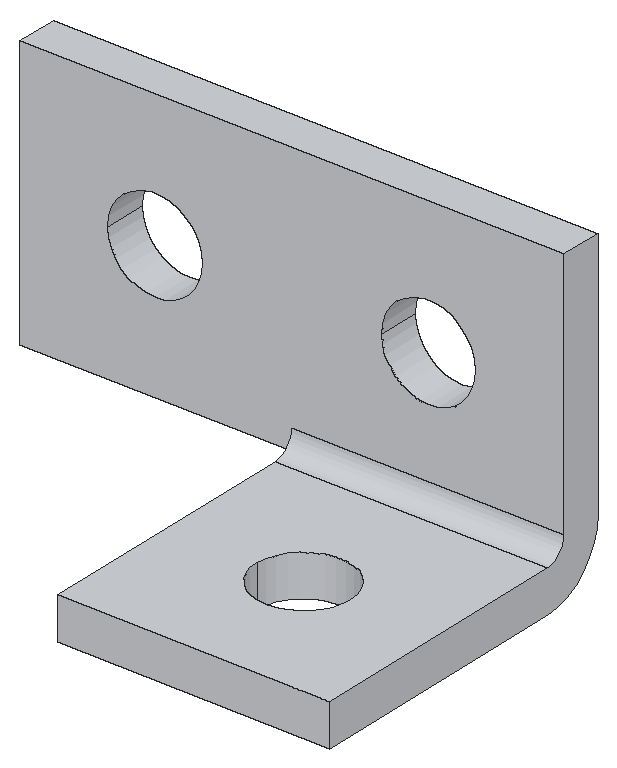
Revit family "Fitting-Ninety_Degree_Angle-Unistrut-P1822", category Specialty Equipment, Revit 2012
Parameters
  ecoScorecard_data = "http://products.ecoscorecard.com/atkore/P1822"
  ecoScorecard Product Page = "http://products.ecoscorecard.com/atkore/P1822?action=html"
  Weight Per Piece = 0.55 lbf
  Unit = none
  Unistrut Part Number = "P1822"  # constant formula
  URL = "http://unistrut.us/index.php"
  Thickness = 0' - 0 1/4"
  Subcategory = "Nintey Degree Angle Fittings"
  Product Page URL = "http://unistrut.us/index.php?WP=cat_detail&S=S05&P=P1822"
  Power Strut Part Number = "PS 720 R"  # constant formula
  Part Type = "Fitting"  # constant formula
  Overall Width = 0' - 3 1/4"
  Overall Length = 0' - 1 7/8"
  Overall Height = 0' - 2"
  Model = "P1822"
  Material = ""
  Manufacturer Phone - Toll Free = "800-882-5543"  # constant formula
  Manufacturer Phone = "708-339-1610"  # constant formula
  Manufacturer Fax = "708-339-7814"  # constant formula
  Manufacturer Email = "mailto:jshaw@atkore.com"
  Manufacturer Address = "16100 South Lathrop Avenue, Harvey, IL 60426"  # constant formula
  Manufacturer = "Unistrut by Atkore International"  # constant formula
  Load Capacity Note = "Visit the product page for load application and capacity."  # constant formula
  Literature URL = "http://unistrut.us/index.php?WP=LItLibrary"
  Hole radius = 0' - 0 9/32"
  Hole Diameter = 0' - 0 9/16"
  Default Elevation = 4' - 0"
  Cost Info = "mailto:jshaw@atkore.com"
  Category = "Specialty Equipment"  # constant formula
  CAD URL = "http://unistrut.us/index.php?WP=CAD3d"
  Assembly Code = "D5020100"
  95 CSI = "16070"  # constant formula
  04 CSI = "26 05 48"  # constant formula
Reference planes (in)
  plane 1 "Center (Front/Back)": y = 0
  plane 2: z = 0
  plane 3 "Center (Left/Right)": x = 0
  plane 4: x = 0.81667
  plane 5: y = -0.14147
  plane 6: z = 1.06557
Dimensions and locks (in)
  locked: plane 3 "Center (Left/Right)" to plane 4 at 0.81667
  locked: plane 5 to plane 1 "Center (Front/Back)" at 0.14147
  aligned and locked: level to plane 2
Nested families (in)
  nested 1: "Fitting" at (0, 0, 0) x (-1, 0, 0) z (0, 0, 1), type "Fitting"
Definition of nested family "Fitting"
  Parameters (values of type "Fitting")
    ecoScorecard_data = "http://products.ecoscorecard.com/atkore/P2094"
    ecoScorecard Product Page = "http://products.ecoscorecard.com/atkore/P2094?action=html"
    Unit = none
    URL = "http://unistrut.us/index.php"
    Thickness = 0' - 0 1/4"
    Overall Width = 0' - 3 1/4"
    Overall Length = 0' - 1 7/8"
    Overall Height = 0' - 2"
    Model = "P2270"
    Material = ""
    Manufacturer = "Atkore International"  # constant formula
    Load Capacity Note = "Visit the product page for load application and capacity."  # constant formula
    Literature URL = "http://unistrut.us/index.php?WP=LItLibrary"
    Hole Radius = Hole Diameter / 2  # 0' - 0 9/32"
    Hole Diameter = 0' - 0 9/16"
    Default Elevation = 4' - 0"
    CAD URL = "http://unistrut.us/index.php?WP=CAD3d"
    Assembly Code = "D5020100"
    Angle = 85.50°
  Reference planes (in)
    plane 1 "Center (Front/Back)": y = 0
    plane 2: z = 0
    plane 3 "Center (Left/Right)": x = 0
    plane 4: z = 2.06204
  Forms (in)
    Extrusion 1, solid, material <- "Unit"
      sketch origin (0, -1.04337, 1.0625) x (0, 0, -1) y (0, 1, 0)
        loop
          line (1.0625, 2) -> (0.8125, 2) -> (0.8125, 0.375)
          arc (0.8125, 0.375) -> (0.77589, 0.28661) -> (0.6875, 0.25) r 0.125
          line (0.6875, 0.25) -> (-0.8125, 0.25) -> (-0.8125, 0) -> (0.6875, 0)
          arc (0.6875, 0) -> (0.95267, 0.10983) -> (1.0625, 0.375) r 0.375
          line (1.0625, 0.375) -> (1.0625, 2)
      from -1.625 to 1.625
    Extrusion 2, void
      sketch origin (0, -1.04337, 1.0625) x (0, 0, -1) y (0, 1, 0)
        loop
          line (0.8125, 2) -> (0.8125, 0.375)
          arc (0.8125, 0.375) -> (0.77589, 0.28661) -> (0.6875, 0.25) r 0.125
          line (0.6875, 0.25) -> (0.6875, 0)
          arc (0.6875, 0) -> (0.95267, 0.10983) -> (1.0625, 0.375) r 0.375
          line (1.0625, 0.375) -> (1.0625, 2) -> (0.8125, 2)
      from 0 to 1.625
    Extrusion 3, solid, material <- "Unit"
      sketch origin (0, -1.04337, 1.0625) x (0, 0, -1) y (0, 1, 0)
        loop
          line (0.8125, 0.25) -> (0.6875, 0.25) -> (0.6875, 0) -> (0.8125, 0) -> (0.8125, 0.25)
      from 0 to 1.625
    Extrusion 4, void
      sketch origin (0, -1.04337, 1.0625) x (1, 0, 0) y (0, 0, -1)
        loop
          circle (-0.81652, -0.00307) r 0.28125
        loop
          circle (0.81652, -0.00307) r 0.28125
      from -1.19201 to 2.27618
    Extrusion 5, void
      sketch origin (0, -1.04337, 1.0625) x (1, 0, 0) y (0, 1, 0)
        loop
          circle (-0.81667, 1.18484) r 0.28125
      from -2.62096 to 0.49706
  Cuts and joins
    Extrusion 2, Extrusion 4, Extrusion 5 cuts Extrusion 1
    Extrusion 4 cuts Extrusion 3
    joined: Extrusion 1, Extrusion 3
  Dimensions and locks (in)
    "Hole Radius": radius of Extrusion 4 sketch curve  (x2)
    "Hole Radius": radius of Extrusion 5 sketch curve
    aligned and locked: level to plane 2
  Automatic sketch dimensions
    Extrusion 1 sketch curve to Extrusion 1 sketch curve = 0' - 0"  (x2)
    Extrusion 1 sketch curve to level = 0' - 0"
    level to Extrusion 1 sketch curve = 0' - 0 1/4"
    Extrusion 1 sketch curve to Extrusion 1 sketch curve = 0' - 0 1/8"
    Extrusion 1 sketch curve to plane 4 = 0' - 0.18704"
    plane 1 "Center (Front/Back)" to Extrusion 1 sketch curve = 0' - 1.04337"
    Extrusion 1 sketch curve to plane 1 "Center (Front/Back)" = 0' - 0.95663"
    Extrusion 2 sketch curve to Extrusion 2 sketch curve = 0' - 0"  (x2)
    Extrusion 2 sketch curve to level = 0' - 0"
    level to Extrusion 2 sketch curve = 0' - 0 1/4"
    Extrusion 2 sketch curve to Extrusion 2 sketch curve = 0' - 0 1/8"
    plane 1 "Center (Front/Back)" to Extrusion 2 sketch curve = 0' - 1.04337"
    Extrusion 2 sketch curve to plane 1 "Center (Front/Back)" = 0' - 0.95663"
    level to Extrusion 3 sketch curve = 0' - 0 3/8"
    Extrusion 3 sketch curve to Extrusion 3 sketch curve = 0' - 0 1/8"
    plane 1 "Center (Front/Back)" to Extrusion 3 sketch curve = 0' - 1.04337"
    Extrusion 3 sketch curve to Extrusion 3 sketch curve = 0' - 0 1/4"
    Extrusion 4 sketch curve to plane 3 "Center (Left/Right)" = 0' - 0.81652"
    plane 3 "Center (Left/Right)" to Extrusion 4 sketch curve = 0' - 0.81652"
    Extrusion 4 sketch curve to plane 4 = 0' - 0.99647"  (x2)
    Extrusion 5 sketch curve to plane 1 "Center (Front/Back)" = 0' - 0.14147"
    Extrusion 5 sketch curve to plane 3 "Center (Left/Right)" = 0' - 0.81667"
